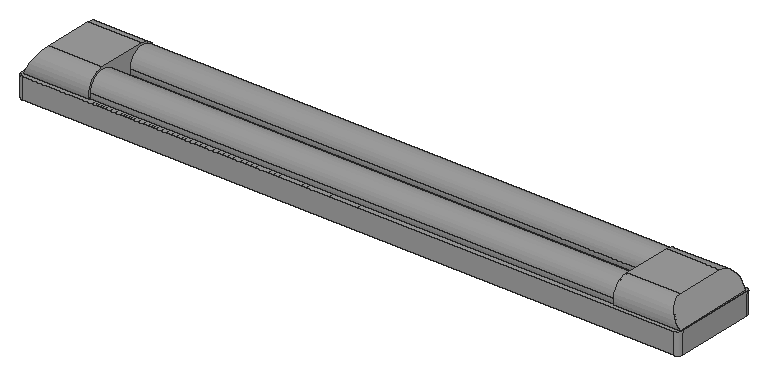
Revit family "0045162 Sylvania Lighting Fixture LED IP20 BATTEN L600 TWIN 4000K", category Lighting Fixtures, host Face, Revit 2016
Family settings
  Host = Face
  Part Type = Normal
  Round Connector Dimension = Use Diameter
  OmniClass Number = 23.80.70.00
  OmniClass Title = Lighting
  Cut with Voids When Loaded = No
  Light Source = Yes
  Shared = No
  Room Calculation Point = No
Parameters (values of type "0045162 LED IP20 BATTEN L600 TWIN 4000K")
  Width_SYL = if(Twin_SYL, 82 mm, 37 mm)  # 82 mm
  Weight = "6.51 kg"
  Wattage Comments = ""
  Wattage = 16 W
  WarrantyStartDate [instance] = "n/a"
  WarrantyGuarantorParts = "n/a"
  WarrantyDurationUnit = "n/a"
  WarrantyDurationParts = "n/a"
  WarrantyDescription = "n/a"
  built-in parameter 1150110 = 1 (stored number, unit not read)
  Voltage = 230 V
  VisibilityTwin_SYL = Twin_SYL  # yes
  VisibilitySingle_SYL = not(Twin_SYL)  # no
  URL = "http://www.sylvania-lighting.com"
  TypeName = "LED IP20 BATTEN L600 TWIN 4000K"
  Type Image = <None>
  Type Comments = "n/a"
  Twin_SYL = yes
  built-in parameter 1114217 = 1 (stored number, unit not read)
  Tilt Angle = -90.00°
  built-in parameter 1150109 = 1 (stored number, unit not read)
  built-in parameter 1150134 = 12
  built-in parameter 1150113 = 1 (stored number, unit not read)
  SerialNumber [instance] = "n/a"
  RadiusTube_SYL = 14 mm
  RadiusTubeSleeve_SYL = 15 mm
  RadiusRadius_SYL = 5 mm
  Photometric Web File = "0045162.ies"
  Material_3_FEILO = none
  PowerFactor = 0
  PowerConsumption = "16 W"
  NominalLength = 600 mm
  NominalHeight = 48 mm
  NominalDepth = 82 mm
  Name = "LED IP20 BATTEN L600 TWIN 4000K"
  ModelReference = Name  # "LED IP20 BATTEN L600 TWIN 4000K"
  ModelNumber = "0045162"
  Model = Name  # "LED IP20 BATTEN L600 TWIN 4000K"
  Material = "n/a"
  ManufacturerName = "Feilo Sylvania"
  Manufacturer = "Feilo Sylvania"
  LuminousEfficacy = "113 lm/W"
  built-in parameter 1150105 = 143.88 (stored number, unit not read)
  Lumens = 1808 lm
  LuminaireType = ""
  built-in parameter 1150115 = 1 (stored number, unit not read)
  LightOutputRatio = "n/a"
  built-in parameter 1150137 = (empty or 0)
  built-in parameter 1150139 = (empty or 0)
  Length_SYL = 600 mm
  LampsType = Lamp  # "LED"
  LampNominalLuminous = "1800 lm"
  LampMacAdamStep = "n/a"
  LampColourTemperature = "4000 K"
  LampColourRenderingIndex = "80"
  built-in parameter 1150112 = 1 (stored number, unit not read)
  built-in parameter 1150114 = 1 (stored number, unit not read)
  Lamp = "LED"
  Keynote = "16500"
  InstallationDate [instance] = "n/a"
  InputVoltage = "220-240V~"
  InputNominalFrequency = "50/60 Hz"
  built-in parameter 1150132 = (empty or 0)
  built-in parameter 1150102 = (empty or 0)
  built-in parameter 1150107 = 4000 (stored number, unit not read)
  built-in parameter 1150138 = (empty or 0)
  IngressProtection = "IP20"
  ImpactProtectionIndex = "IK02"
  built-in parameter 1150106 = 1.4388 (stored number, unit not read)
  IfcExportType = "IfcLightFixtureType"
  IfcExportAs = "IfcLightFixtureType"
  Height_SYL = if(Twin_SYL, 48 mm, 46 mm)  # 48 mm
  ExpectedLife = 50000
  Emit from Rectangle Width = if(Twin_SYL, 75 mm, 28 mm)  # 75 mm
  Emit from Rectangle Length = Length_SYL - 124 mm  # 476 mm
  Emit Shape Visible in Rendering = no
  ElectricShockClassification = "Class I"
  built-in parameter 1150104 = 10.498 (stored number, unit not read)
  DurationUnit = "hours"
  DocumentationLiterature = "http://www.sylvania-lighting.com/product/en-int/products/0045162"
  DimmingControlOptions = "n/a"
  Material_2_FEILO = Tube-Sylvania-IP20LEDBatten
  Dimming Lamp Color Temperature Shift = <None>
  Description = "full range of LED Battens to replace traditional T8 battens (600mm, 1200mm, 1500mm and 1800mm), ease of installation,  4000K, 25000h lifethtime"
  Default Elevation = 1219.2 mm
  CreatedOn = "6/5/2018"
  CreatedBy = "aron.fodor@sylvania-lighting.com"
  Cost = 0
  Color Filter = 16777215
  built-in parameter 1114216 [instance] = (empty or 0)
  ClassificationValue = "EF_70_80"
  ClassificationName = "Uniclass2015"
  Material_1_FEILO = Body-Sylvania-IP20LEDBatten
  BarCode [instance] = "n/a"
  built-in parameter 1114218 = 1 (stored number, unit not read)
  built-in parameter 1150133 = 10 (stored number, unit not read)
  AssetType = "Fixed"
  AssetIdentifier [instance] = "n/a"
  Assembly Code = "D5020200"
  Apparent Load = 16 VA
  Material_4_FEILO = none
Reference planes
  plane 1 "Center (Front/Back)": y = 0
  plane 2: z = 0
  plane 3 "Center (Left/Right)": x = 0
  plane 4: x = 300
  plane 5: x = -300
  plane 6: y = 41
  plane 7: y = -41
  plane 8: z = 41
  plane 9: z = 19
  plane 10: z = -7
  plane 11: z = 23.5
  plane 12: x = -298
  plane 13: x = 298
  plane 14: x = -238
  plane 15: x = 238
  plane 16: y = -22.5
  plane 17: y = 22.5
  plane 18: z = 38.5
  plane 19: z = 8.5
Forms (mm)
  Extrusion 1, solid, material "Body-Sylvania-IP20LEDBatten" <- "Material_1_FEILO"
    sketch origin (0, 0, 0) x (1, 0, 0) y (0, 1, 0)
      loop
        arc (-295, 41) -> (-298.536, 39.536) -> (-300, 36) r 5
        line (-300, 36) -> (-300, -36)
        arc (-300, -36) -> (-298.536, -39.536) -> (-295, -41) r 5
        line (-295, -41) -> (295, -41)
        arc (295, -41) -> (298.536, -39.536) -> (300, -36) r 5
        line (300, -36) -> (300, 36)
        arc (300, 36) -> (298.536, 39.536) -> (295, 41) r 5
        line (295, 41) -> (-295, 41)
    from 0 to 19
  Extrusion 2, solid, material "Body-Sylvania-IP20LEDBatten" <- "Material_1_FEILO", visible <- "VisibilitySingle_SYL"
    sketch origin (238, 1524, 1219.2) x (0, 1, 0) y (0, 0, 1)
      loop
        circle (-1524, -1195.7) r 15
    from 0 to 60
  Extrusion 3, solid, material "Body-Sylvania-IP20LEDBatten" <- "Material_1_FEILO", visible <- "VisibilitySingle_SYL"
    sketch origin (-298, 1524, 1219.2) x (0, 1, 0) y (0, 0, 1)
      loop
        circle (-1524, -1195.7) r 15
    from 0 to 60
  Extrusion 4, solid, material "Tube-Sylvania-IP20LEDBatten" <- "Material_2_FEILO", visible <- "VisibilitySingle_SYL"
    sketch origin (0, 0, 0) x (0, 1, 0) y (0, 0, 1)
      loop
        circle (0, 23.5) r 14
    from -238 to 238
  Extrusion 5, void
    sketch origin (0, 0, 0) x (1, 0, 0) y (0, 0, 1)
      loop
        line (300, 19) -> (300, 41) -> (285.298, 41) -> (298, 19) -> (300, 19)
      loop
        line (-285.298, 41) -> (-300, 41) -> (-300, 19) -> (-298, 19) -> (-285.298, 41)
    from -45 to 45
  Extrusion 6, solid, material "Body-Sylvania-IP20LEDBatten" <- "Material_1_FEILO", visible <- "VisibilityTwin_SYL"
    sketch origin (-238, 1524, 1219.2) x (0, 1, 0) y (0, 0, 1)
      loop
        arc (-1546.5, -1180.7) -> (-1561.5, -1195.7) -> (-1546.5, -1210.7) r 15
        line (-1546.5, -1210.7) -> (-1501.5, -1210.7)
        arc (-1501.5, -1210.7) -> (-1486.5, -1195.7) -> (-1501.5, -1180.7) r 15
        line (-1501.5, -1180.7) -> (-1546.5, -1180.7)
    from -60 to 0
  Extrusion 7, solid, material "Body-Sylvania-IP20LEDBatten" <- "Material_1_FEILO", visible <- "VisibilityTwin_SYL"
    sketch origin (238, 1524, 1219.2) x (0, 1, 0) y (0, 0, 1)
      loop
        line (-1501.5, -1180.7) -> (-1546.5, -1180.7)
        arc (-1546.5, -1180.7) -> (-1561.5, -1195.7) -> (-1546.5, -1210.7) r 15
        line (-1546.5, -1210.7) -> (-1501.5, -1210.7)
        arc (-1501.5, -1210.7) -> (-1486.5, -1195.7) -> (-1501.5, -1180.7) r 15
    from 0 to 60
  Extrusion 8, solid, material "Tube-Sylvania-IP20LEDBatten" <- "Material_2_FEILO", visible <- "VisibilityTwin_SYL"
    sketch origin (0, 0, 0) x (0, 1, 0) y (0, 0, 1)
      loop
        circle (-22.5, 23.5) r 14
      loop
        circle (22.5, 23.5) r 14
    from -238 to 238
Cuts and joins
  Extrusion 5 cuts Extrusion 1
  Extrusion 5 cuts Extrusion 6
  Extrusion 5 cuts Extrusion 7
  Extrusion 5 cuts Extrusion 2
  Extrusion 5 cuts Extrusion 3
Lines and regions (mm)
  reference lines
    curve 1: circle (0, 0, 23.5) r 15 normal (1, 0, 0)
    curve 2: circle (0, 0, 23.5) r 14 normal (1, 0, 0)
    curve 3: line (298, 0, 19) -> (286.453, 0, 39)
    curve 4: line (-298, 0, 19) -> (-285.298, 0, 41)
    curve 5: circle (0, -22.5, 23.5) r 15 normal (1, 0, 0)
    curve 6: circle (0, 22.5, 23.5) r 15 normal (1, 0, 0)
    curve 7: circle (0, 22.5, 23.5) r 14 normal (1, 0, 0)
    curve 8: circle (0, -22.5, 23.5) r 14 normal (1, 0, 0)
Dimensions and locks
  equal spacing: plane 5, plane 3 "Center (Left/Right)", plane 4
  "Length_SYL": plane 5 to plane 4
  equal spacing: plane 7, plane 1 "Center (Front/Back)", plane 6
  "Width_SYL": plane 7 to plane 6
  locked: plane 9 to plane 2 at 19
  locked: plane 2 to plane 10 at 7
  "Height_SYL": plane 10 to plane 8
  locked: plane 9 to plane 11 at 4.5
  equal spacing: plane 12, plane 3 "Center (Left/Right)", plane 13
  locked: plane 5 to plane 12 at 2
  equal spacing: plane 14, plane 3 "Center (Left/Right)", plane 15
  locked: plane 12 to plane 14 at 60
  equal spacing: plane 16, plane 1 "Center (Front/Back)", plane 17
  locked: plane 16 to plane 17 at 45
  equal spacing: plane 19, plane 11, plane 18
  "RadiusTubeSleeve_SYL": plane 11 to plane 18
  "RadiusTubeSleeve_SYL": radius of curve 1
  "RadiusTube_SYL": radius of curve 2
  "RadiusRadius_SYL": radius of Extrusion 1 sketch curve  (x4)
  "RadiusTube_SYL": radius of curve 8
  "RadiusTube_SYL": radius of curve 7
  "RadiusTubeSleeve_SYL": radius of curve 6
  "RadiusTubeSleeve_SYL": radius of curve 5
  locked: plane 9 to curve 3 (angle 120.00°)
  locked: curve 4 to plane 9 (angle 120.00°)
  aligned and locked: plane 2 to host face
  aligned and locked: level to host face
  aligned and locked: plane 1 "Center (Front/Back)" to curve 1
  aligned and locked: plane 11 to curve 1
  aligned and locked: plane 6 to Extrusion 1 sketch curve
  aligned and locked: plane 5 to Extrusion 1 sketch curve
  aligned and locked: Extrusion 1 sketch curve to plane 7
  aligned and locked: Extrusion 1 sketch curve to plane 4
  aligned and locked: Extrusion 1 to level
  aligned and locked: Extrusion 1 to plane 9
  aligned and locked: Extrusion 2 sketch curve to curve 1
  aligned and locked: plane 13 to Extrusion 2
  aligned and locked: Extrusion 2 to plane 15
  aligned and locked: Extrusion 3 sketch curve to curve 1
  aligned and locked: plane 14 to Extrusion 3
  aligned and locked: Extrusion 3 to plane 12
  aligned and locked: Extrusion 4 sketch curve to curve 2
  aligned and locked: Extrusion 4 to plane 14
  aligned and locked: plane 15 to Extrusion 4
  aligned and locked: plane 12 to curve 4
  aligned and locked: plane 9 to curve 4
  aligned and locked: plane 8 to curve 4
  aligned and locked: Extrusion 1 to Extrusion 5 sketch curve
  aligned and locked: curve 3 to Extrusion 5 sketch curve
  aligned and locked: Extrusion 5 sketch curve to plane 8  (x2)
  aligned and locked: Extrusion 5 sketch curve to curve 3
  aligned and locked: plane 9 to Extrusion 5 sketch curve
  aligned and locked: curve 4 to Extrusion 5 sketch curve
  aligned and locked: Extrusion 5 sketch curve to plane 5
  aligned and locked: Extrusion 5 sketch curve to curve 4
  aligned and locked: plane 17 to curve 7
  aligned and locked: plane 11 to curve 7
  aligned and locked: plane 11 to curve 6
  aligned and locked: plane 17 to curve 6
  aligned and locked: plane 16 to curve 8
  aligned and locked: plane 16 to curve 5
  aligned and locked: plane 11 to curve 8
  aligned and locked: plane 11 to curve 5
  aligned and locked: Extrusion 6 sketch curve to curve 5
  aligned and locked: Extrusion 6 sketch curve to curve 6
  aligned and locked: Extrusion 6 to plane 12
  aligned and locked: plane 14 to Extrusion 6
  aligned and locked: Extrusion 7 sketch curve to Extrusion 6  (x2)
  aligned and locked: plane 13 to Extrusion 7
  aligned and locked: Extrusion 7 to plane 15
  aligned and locked: Extrusion 8 sketch curve to curve 8
  aligned and locked: Extrusion 8 sketch curve to curve 7
  aligned and locked: plane 15 to Extrusion 8
  aligned and locked: Extrusion 8 to plane 14
  aligned and locked: imposter light to plane 18
  aligned and locked: plane 3 "Center (Left/Right)" to imposter light
  aligned and locked: imposter light to plane 1 "Center (Front/Back)"
Automatic sketch dimensions
  host sketch curve to host sketch curve = 2438.4 mm  (x2)
  curve 1 to curve 2 = 0 mm  (x2)
  curve 3 to plane 13 = 0 mm
  curve 3 to plane 9 = 0 mm
  Extrusion 5 sketch curve to plane 9 = 0 mm
  curve 6 to curve 7 = 0 mm
  Extrusion 6 sketch curve to Extrusion 6 sketch curve = 0 mm  (x2)
Connectors
  electrical at (0, 0, 0), driven by "Apparent Load", driven by "PowerFactor", driven by "Voltage"
    settings: index 1, voltage 230 V, apparent load 16 VA, apparent load phase1 0 VA, apparent load phase2 0 VA, apparent load phase3 0 VA, power factor 0, load classification "Lighting", number of poles 1, system type 30, power factor state 1, is connector primary yes, connector utility no, sub classification motor no, connector description ""
